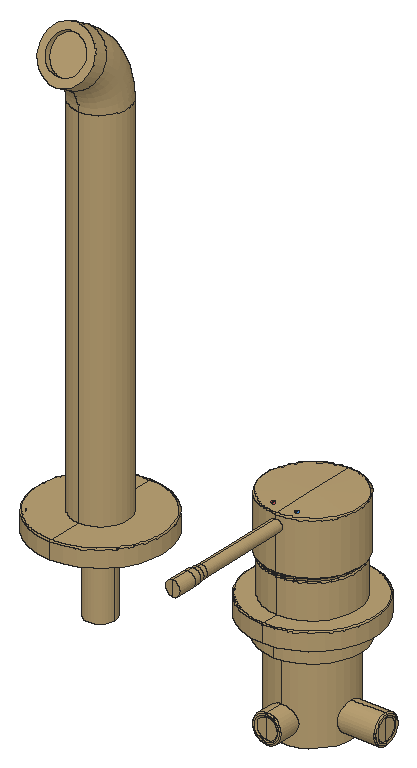
Revit family "Reece_Tap_Grohe_Essence New_Bath Mixer_Set_230mm", category Plumbing Fixtures, host Face, Revit 2018
Family settings
  Host = Face
  Round Connector Dimension = Use Diameter
  Part Type = Normal
  Cut with Voids When Loaded = No
  Shared = Yes
  Room Calculation Point = Yes
Parameters (values of type "Brushed Cool Sunrise")
  WFU = 0  # constant formula
  URL = "https://www.reece.com.au/product/-9509067"
  Type Comments = "Tap"
  Reece_Tap_Reach = 230 mm  # constant formula
  Reece_Tap_Inlet = 12 mm  # constant formula
  Reece_Stand_Baseplate_Radius = 32.5 mm  # constant formula
  Reece_Product_Web Page = "https://www.reece.com.au/product/-9509067"
  Reece_Product_Type = "Tap"  # constant formula
  Reece_Product_Sub Brand = "Essence New"  # constant formula
  Reece_Product_Number = "9509067"
  Reece_Product_Mount = "Wall Mounted"
  Reece_Product_Description = "Grohe Essence New Wall Bath Mixer Tap Set 230mm Brushed Cool Sunrise"
  Reece_Product_Brand = "Grohe"  # constant formula
  Reece_Overall_Width = 175 mm  # constant formula
  Reece_Overall_Projection = 233 mm  # constant formula
  Reece_Material_Tap_Hot = Render_Hot_Water_Cap
  Reece_Material_Tap_Cold = Render_Cold_Water_Cap
  Reece_Material-Main = Reece_Metal_Brushed_Cool Sunrise
  Reece_Detail_Shape = ""
  Reece_Detail_Installation = "Bath Mixer"  # constant formula
  Reece_Detail_Disclaimer = "THIS FILE IS THE PROPERTY OF THE REECE GROUP. IT MAY NOT BE REPRODUCED, REVERSE-ENGINEERED OR MODIFIED. ANY REPUBLICATION, TRANSMISSION OR DISTRIBUTION FOR THE PURPOSE OF COMMERCIALLY EXPLOITING THE FILES IS PROHIBITED."  # constant formula
  Reece_Detail_Connector = ""
  Reece_Detail_Additional = "Wall Mounted"  # constant formula
  Model = "Essence New"
  Manufacturer = "Grohe"
  Keynote = "Product #9509067, Reece_Tap_Grohe_Essence New_Bath Mixer_Set_230mm - Brushed Cool Sunrise"
  HWFU = 0  # constant formula
  Disclaimer = "THIS FILE IS THE PROPERTY OF THE REECE GROUP. IT MAY NOT BE REPRODUCED, REVERSE-ENGINEERED OR MODIFIED. ANY REPUBLICATION, TRANSMISSION OR DISTRIBUTION FOR THE PURPOSE OF COMMERCIALLY EXPLOITING THE FILES IS PROHIBITED."  # constant formula
  Description = "Grohe Essence New Wall Bath Mixer Tap Set 230mm Brushed Cool Sunrise"
  Default Elevation = 1000 mm
  CWFU = 0  # constant formula
Types (5, lengths in mm): name | URL | Reece_Product_Web Page | Reece_Product_Number | Reece_Product_Description | Reece_Material-Main | Keynote | Description
  (no name) | "https://www.reece.com.au/product/-9509067" | "https://www.reece.com.au/product/-9509067" | "9509067" | "Grohe Essence New Wall Bath Mixer Tap Set 230mm Brushed Cool Sunrise" | Reece_Metal_Brushed_Cool Sunrise | "Product #9509067, Reece_Tap_Grohe_Essence New_Bath Mixer_Set_230mm -  " | "Grohe Essence New Wall Bath Mixer Tap Set 230mm Brushed Cool Sunrise"
  Chrome | "https://www.reece.com.au/product/-9506904" | "https://www.reece.com.au/product/-9506904" | "9506904" | "Grohe Essence New Wall Bath Mixer Tap Set 230mm Chrome" | Reece_Brass_Chrome | "Product #9506904, Reece_Tap_Grohe_Essence New_Bath Mixer_Set_230mm - Chrome" | "Grohe Essence New Wall Bath Mixer Tap Set 230mm Chrome"
  Hard Graphite | "https://www.reece.com.au/product/-9509066" | "https://www.reece.com.au/product/-9509066" | "9509066" | "Grohe Essence New Wall Bath Mixer Tap Set 230mm Hard Graphite" | Reece_Metal_Hard Graphite | "Product #9509066, Reece_Tap_Grohe_Essence New_Bath Mixer_Set_230mm - Hard Graphite" | "Grohe Essence New Wall Bath Mixer Tap Set 230mm Hard Graphite"
  Brushed Nickel | "https://www.reece.com.au/product/-9509065" | "https://www.reece.com.au/product/-9509065" | "9509065" | "Grohe Essence New Wall Bath Mixer Tap Set 230mm Brushed Nickel" | Reece_Brass_Brushed Nickel | "Product #9509065, Reece_Tap_Grohe_Essence New_Bath Mixer_Set_230mm - Brushed Nickel" | "Grohe Essence New Wall Bath Mixer Tap Set 230mm Brushed Nickel"
  Brushed Cool Sunrise | "https://www.reece.com.au/product/-9509067" | "https://www.reece.com.au/product/-9509067" | "9509067" | "Grohe Essence New Wall Bath Mixer Tap Set 230mm Brushed Cool Sunrise" | Reece_Metal_Brushed_Cool Sunrise | "Product #9509067, Reece_Tap_Grohe_Essence New_Bath Mixer_Set_230mm - Brushed Cool Sunrise" | "Grohe Essence New Wall Bath Mixer Tap Set 230mm Brushed Cool Sunrise"
Reference planes
  plane 1 "Center (Front/Back)": y = 0
  plane 2: z = 0
  plane 3 "Center (Left/Right)": x = 0
  plane 4: z = 230
  plane 5: x = -55
  plane 6: x = 55
  plane 7: y = -35.7
  plane 8: y = -90.5
  plane 9: x = -87.5
  plane 10: x = 87.5
  plane 11: z = 233
  plane 12: through (0, -19.726, 228.658) normal (0, 0.5, 0.866)
Forms (mm)
  Revolve 1, solid, material "Reece_Metal_Brushed_Cool Sunrise" <- "Reece_Material-Main"
    sketch origin (-55, 0, 23) x (0, 1, 0) y (0, 0, 1)
      loop
        line (12, -14) -> (12, -16) -> (30.456, -16) -> (30.456, -23) -> (32.5, -23) -> (32.5, -14.512)
        arc (32.5, -14.512) -> (32.35, -14.15) -> (31.988, -14) r 0.512
        line (31.988, -14) -> (12, -14)
      axis (0, -14) -> (0, -23)
    angle from 0 to 360
  Sweep 2, solid, material "Reece_Metal_Brushed_Cool Sunrise" <- "Reece_Material-Main"
    path origin (-55, 0, 0) x (0, 1, 0) y (0, 0, 1)
      loop
        line (0, 0) -> (0, 199.948)
        arc (0, 199.948) -> (-4.019, 214.948) -> (-15, 225.929) r 30
        line (-15, 225.929) -> (-22.051, 230)
    profile origin (-55, 0, 99.974) x (0, -1, 0) y (1, 0, 0)
      loop
        circle (0, 0) r 14
      loop
        circle (0, 0) r 10
  Extrusion 3, solid, material "Reece_Metal_Brushed_Cool Sunrise" <- "Reece_Material-Main"
    sketch origin (-55, -24.649, 231.011) x (1, 0, 0) y (0, 0.5, 0.866025)
      loop
        arc (0, -11) -> (9.204, 6.024) -> (-10.08, 4.403) r 11
        arc (-10.08, 4.403) -> (-9.204, -6.024) -> (0, -11) r 11
    from -10 to -5.44
  Revolve 4, void
    sketch origin (-55, 0, 39.453) x (0, 1, 0) y (0, 0, 1)
      loop
        line (-20, -39.453) -> (-20, -95.011) -> (0, -95.011) -> (0, -39.453) -> (-20, -39.453)
      axis (0, -39.453) -> (0, -95.011)
    angle from 0 to 360
  Revolve 5, solid, material "Reece_Metal_Brushed_Cool Sunrise" <- "Reece_Material-Main"
    sketch origin (55, 0, 23) x (0, 1, 0) y (0, 0, -1)
      loop
        line (12, 14) -> (31.988, 14)
        arc (31.988, 14) -> (32.35, 14.15) -> (32.5, 14.512) r 0.512
        line (32.5, 14.512) -> (32.5, 23) -> (30.456, 23) -> (30.456, 16) -> (12, 16) -> (12, 14)
      axis (0, 14) -> (0, 23)
    angle from 0 to 360
  Revolve 6, void
    sketch origin (55, 0, 39.453) x (0, 1, 0) y (0, 0, -1)
      loop
        line (-25, 39.453) -> (0, 39.453) -> (0, 96.191) -> (-25, 96.191) -> (-25, 39.453)
      axis (0, 39.453) -> (0, 96.191)
    angle from 0 to 360
  Revolve 7, solid, material "Reece_Metal_Brushed_Cool Sunrise" <- "Reece_Material-Main"
    sketch origin (55, -2.334, -116) x (0, 1, 0) y (0, 0, 1)
      loop
        arc (2.5, 173) -> (-9.308, 172.91) -> (-21.109, 172.514) r 455.117
        arc (-21.109, 172.514) -> (-21.504, 172.334) -> (-21.666, 171.931) r 0.584
        line (-21.666, 171.931) -> (-21.666, 145.342) -> (-20.068, 145.342) -> (-20.166, 146.19) -> (-20.166, 149.9) -> (2.5, 149.9) -> (2.5, 173)
      axis (2.5, 173) -> (2.5, 145.342)
    angle from 0 to 360
  Revolve 8, solid, material "Reece_Metal_Brushed_Cool Sunrise" <- "Reece_Material-Main"
    sketch origin (55, -276.273, 243.721) x (0, -0.990268, -0.139173) y (0, 0.139173, -0.990268)
      loop
        arc (-166.132, 222.142) -> (-167.895, 222.331) -> (-169.667, 222.404) r 27.035
        line (-169.667, 222.404) -> (-172.075, 222.424)
        arc (-172.075, 222.424) -> (-173.404, 222.479) -> (-174.726, 222.621) r 20.282
        line (-174.726, 222.621) -> (-225.984, 229.825) -> (-226.423, 226.698) -> (-157.108, 216.956) -> (-156.568, 220.798) -> (-166.132, 222.142)
      axis (-157.108, 216.956) -> (-226.423, 226.698)
    angle from 0 to 360
  Revolve 9, solid, material "Render_Hot_Water_Cap" <- "Reece_Material_Tap_Hot"
    sketch origin (48.869, -97.842, 42.485) x (0, 0.053171, -0.998585) y (0, -0.998585, -0.053171)
      loop
        line (-9.096, -80.7) -> (-10.011, -80.7) -> (-10.011, -81.5) -> (-9.096, -81.5) -> (-9.096, -80.7)
      axis (-9.096, -80.7) -> (-10.096, -80.7)
    angle from 0 to 360
  Revolve 10, solid, material "Render_Cold_Water_Cap" <- "Reece_Material_Tap_Cold"
    sketch origin (61.131, -97.842, 42.485) x (0, 0.053171, -0.998585) y (0, 0.998585, 0.053171)
      loop
        line (-9.096, 80.7) -> (-9.096, 81.5) -> (-10.011, 81.5) -> (-10.011, 80.7) -> (-9.096, 80.7)
      axis (-9.096, 80.7) -> (-10.096, 80.7)
    angle from 0 to 360
  Revolve 11, solid, material "Reece_Metal_Brushed_Cool Sunrise" <- "Reece_Material-Main"
    sketch origin (55, 0, -2.659) x (0, 1, 0) y (0, 0, 1)
      loop
        line (-21.5, 7) -> (0, 7) -> (0, 35.659) -> (-15.05, 35.659) -> (-15.05, 39.49)
        arc (-15.05, 39.49) -> (-19.066, 35.246) -> (-22.489, 30.511) r 44.331
        arc (-22.489, 30.511) -> (-22.519, 30.098) -> (-22.196, 29.842) r 0.442
        line (-22.196, 29.842) -> (-21.215, 29.659) -> (-22.476, 29.659)
        arc (-22.476, 29.659) -> (-22.846, 29.506) -> (-23, 29.135) r 0.524
        line (-23, 29.135) -> (-23, 4.5) -> (-21.5, 4.5) -> (-21.5, 7)
      axis (0, 39.49) -> (0, 4.5)
    angle from 0 to 360
  Revolve 12, solid, material "Reece_Metal_Brushed_Cool Sunrise" <- "Reece_Material-Main"
    sketch origin (0, 0, 0) x (1, 0, 0) y (0, 0, 1)
      loop
        line (-69, 0) -> (-69, -4.147)
        arc (-69, -4.147) -> (-68.567, -5.192) -> (-67.522, -5.625) r 1.478
        line (-67.522, -5.625) -> (-62.5, -5.625) -> (-62.5, -40.018) -> (-55, -40.018) -> (-55, 0) -> (-69, 0)
      axis (-55, 0) -> (-55, -40.018)
    angle from 0 to 360
  Revolve 13, solid, material "Reece_Metal_Brushed_Cool Sunrise" <- "Reece_Material-Main"
    sketch origin (55, 118.077, 1219.2) x (0, 1, 0) y (0, 0, 1)
      loop
        line (-118.077, -1219.2) -> (-143.077, -1219.2) -> (-143.077, -1229.2) -> (-138.077, -1229.2) -> (-138.077, -1271.2) -> (-118.077, -1271.2) -> (-118.077, -1219.2)
      axis (-118.077, -1271.2) -> (-118.077, -1219.2)
    angle from 0 to 360
  Revolve 14, solid, material "Reece_Metal_Brushed_Cool Sunrise" <- "Reece_Material-Main"
    sketch origin (55, 0, -15) x (1, 0, 0) y (0, 0, 1)
      loop
        line (0, -26) -> (37.912, -26) -> (37.912, -20.608) -> (38.5, -20.019) -> (38.5, -19.088) -> (37.912, -18.5) -> (0, -18.5) -> (0, -26)
      axis (0, -26) -> (38.5, -26)
    angle from 0 to 360
  Revolve 15, solid, material "Reece_Metal_Brushed_Cool Sunrise" <- "Reece_Material-Main"
    sketch origin (55, -118.125, 1209.067) x (0, -1, 0) y (0, 0, -1)
      loop
        line (-118.077, 1250.2) -> (-118.077, 1242.7) -> (-88.666, 1242.7) -> (-88.077, 1243.288) -> (-88.077, 1244.219) -> (-88.666, 1244.808) -> (-88.666, 1250.2) -> (-118.077, 1250.2)
      axis (-118.077, 1250.2) -> (-88.077, 1250.2)
    angle from 0 to 360
Cuts and joins
  Revolve 6 cuts Sweep 2
  joined: Revolve 1, Sweep 2, Extrusion 3, Revolve 5, Revolve 7, Revolve 8, Revolve 11
  joined: Revolve 12, Revolve 13, Revolve 14, Revolve 15
Text (mm)
  text "Reece Copyright © 2018, Reece Ltd." at (-1164.308, -468.56, 0), in view "Ref. Level"
  text "Reece ©" at (-7.653, 198.338, 183.77), in view "Reece Preview"
Dimensions and locks
  "Reece_Tap_Reach": plane 4 to host face
  plane 5 to plane 3 "Center (Left/Right)" = 55 mm
  "Reece_Stand_Baseplate_Radius": Revolve 1 sketch curve to Revolve 1 sketch curve
  Revolve 4 sketch curve to Revolve 4 sketch curve = 20 mm
  "Reece_Stand_Baseplate_Radius": Revolve 5 sketch curve to Revolve 5 sketch curve
  Revolve 6 sketch curve to Revolve 6 sketch curve = 25 mm
  locked: plane 7 to plane 8 at 54.8
  plane 5 to plane 6 = 110 mm
  "Reece_Overall_Width": plane 9 to plane 10
  "Reece_Overall_Projection": plane 11 to host face
  angle plane 4 to plane 12 = 30.00°
  aligned and locked: plane 2 to host face
  aligned and locked: level to host face
  aligned and locked: Revolve 4 sketch curve to Revolve 4 sketch curve
  aligned and locked: Revolve 6 sketch curve to Revolve 6 sketch curve
  aligned and locked: Revolve 7 sketch curve to Revolve 7 sketch curve
Automatic sketch dimensions
  host sketch curve to host sketch curve = 481.758 mm
  host sketch curve to host sketch curve = 479.681 mm
  Sweep 2 sketch curve to plane 4 = 0 mm
  Sweep 2 sketch curve to plane 1 "Center (Front/Back)" = 0 mm
  Sweep 2 sketch curve to level = 0 mm
  Sweep 2 sketch curve to plane 4 = 4.071 mm
  plane 1 "Center (Front/Back)" to Sweep 2 sketch curve = 15 mm
  plane 1 "Center (Front/Back)" to Sweep 2 sketch curve = 30 mm
  Sweep 2 sketch curve to Sweep 2 sketch curve = 7.051 mm
  Sweep 2 sketch curve to Sweep 2 sketch curve = 0 mm  (x2)
  Sweep 2 sketch curve to profile plane = 0 mm  (x2)
  Extrusion 3 sketch curve to plane 5 = 0 mm
  Extrusion 3 sketch curve to Extrusion 3 sketch curve = 11 mm
  Revolve 4 sketch curve to level = 0 mm
  Revolve 4 sketch curve to plane 1 "Center (Front/Back)" = 0 mm
  Revolve 4 sketch curve to Revolve 4 sketch curve = 55.557 mm
  Revolve 4 sketch curve to Revolve 4 sketch curve = 245.799 mm
  plane 4 to Revolve 4 sketch curve = 1953.707 mm
  plane 1 "Center (Front/Back)" to Revolve 7 sketch curve = 24 mm
  Revolve 7 sketch curve to Revolve 7 sketch curve = 0.584 mm
  Revolve 7 sketch curve to Revolve 7 sketch curve = 1.5 mm
  Revolve 7 sketch curve to Revolve 7 sketch curve = 0.098 mm
  plane 1 "Center (Front/Back)" to Revolve 7 sketch curve = 2.279 mm
  Revolve 7 sketch curve to plane 1 "Center (Front/Back)" = 0.166 mm
  Revolve 7 sketch curve to level = 398.11 mm
  level to Revolve 7 sketch curve = 29.342 mm
  Revolve 7 sketch curve to Revolve 7 sketch curve = 0.848 mm
  Revolve 7 sketch curve to Revolve 7 sketch curve = 3.71 mm
  Revolve 7 sketch curve to Revolve 7 sketch curve = 22.031 mm
  Revolve 7 sketch curve to Revolve 7 sketch curve = 23.1 mm
  Revolve 7 sketch curve to Revolve 7 sketch curve = 58.7 mm
  plane 4 to Revolve 7 sketch curve = 2013.364 mm
  Revolve 8 sketch curve to plane 8 = 0 mm  (x2)
  plane 7 to Revolve 8 sketch curve = 15.196 mm
  level to Revolve 8 sketch curve = 50.742 mm
  Revolve 8 sketch curve to Revolve 8 sketch curve = 0.439 mm
  Revolve 8 sketch curve to Revolve 8 sketch curve = 17.619 mm
  Revolve 8 sketch curve to Revolve 8 sketch curve = 2.652 mm
  Revolve 8 sketch curve to Revolve 8 sketch curve = 2.823 mm
  Revolve 8 sketch curve to Revolve 8 sketch curve = 12.787 mm
  Revolve 8 sketch curve to Revolve 8 sketch curve = 2.408 mm
  Revolve 8 sketch curve to Revolve 8 sketch curve = 8.117 mm
  Revolve 8 sketch curve to Revolve 8 sketch curve = 82.121 mm
  Revolve 8 sketch curve to Revolve 8 sketch curve = 11.541 mm
  Revolve 8 sketch curve to Revolve 8 sketch curve = 1.141 mm
  plane 1 "Center (Front/Back)" to Revolve 9 sketch curve = 16.989 mm
  level to Revolve 9 sketch curve = 56.815 mm
  Revolve 9 sketch curve to Revolve 9 sketch curve = 0.915 mm
  Revolve 9 sketch curve to Revolve 9 sketch curve = 0.8 mm
  Revolve 9 sketch curve to Revolve 9 sketch curve = 5.008 mm
  Revolve 9 sketch curve to Revolve 9 sketch curve = 6.185 mm
  Revolve 9 sketch curve to Revolve 9 sketch curve = 0 mm
  plane 1 "Center (Front/Back)" to Revolve 10 sketch curve = 16.989 mm
  level to Revolve 10 sketch curve = 56.815 mm
  Revolve 10 sketch curve to Revolve 10 sketch curve = 0.915 mm
  Revolve 10 sketch curve to Revolve 10 sketch curve = 0.8 mm
  Revolve 10 sketch curve to Revolve 10 sketch curve = 5.008 mm
  Revolve 10 sketch curve to Revolve 10 sketch curve = 6.185 mm
  Revolve 10 sketch curve to Revolve 10 sketch curve = 0 mm
  Revolve 11 sketch curve to plane 1 "Center (Front/Back)" = 0 mm  (x2)
  plane 1 "Center (Front/Back)" to Revolve 11 sketch curve = 15.05 mm
  Revolve 11 sketch curve to Revolve 11 sketch curve = 6.165 mm
  level to Revolve 11 sketch curve = 4.341 mm
  plane 1 "Center (Front/Back)" to Revolve 11 sketch curve = 21.5 mm
  Revolve 11 sketch curve to Revolve 11 sketch curve = 0.9 mm
  Revolve 11 sketch curve to Revolve 11 sketch curve = 0.081 mm
  Revolve 11 sketch curve to Revolve 11 sketch curve = 0.28 mm
  Revolve 11 sketch curve to Revolve 11 sketch curve = 1.5 mm
  level to Revolve 11 sketch curve = 4.304 mm
  Revolve 11 sketch curve to plane 1 "Center (Front/Back)" = 15.071 mm
  level to Revolve 11 sketch curve = 1.841 mm
  Revolve 11 sketch curve to Revolve 11 sketch curve = 22.135 mm
  Revolve 11 sketch curve to Revolve 11 sketch curve = 0 mm
  Revolve 11 sketch curve to Revolve 11 sketch curve = 0.182 mm
  Revolve 11 sketch curve to Revolve 11 sketch curve = 6 mm
  Revolve 11 sketch curve to Revolve 11 sketch curve = 3.83 mm
  Revolve 11 sketch curve to level = 343.469 mm
  plane 4 to Revolve 11 sketch curve = 2177.711 mm
  Revolve 12 sketch curve to level = 0 mm
  Revolve 12 sketch curve to plane 5 = 0 mm  (x2)
  Revolve 12 sketch curve to plane 5 = 7.5 mm
  Revolve 12 sketch curve to Revolve 12 sketch curve = 5.022 mm
  Revolve 12 sketch curve to Revolve 12 sketch curve = 1.478 mm
  Revolve 12 sketch curve to level = 4.147 mm
  Revolve 12 sketch curve to Revolve 12 sketch curve = 34.393 mm
  Revolve 12 sketch curve to Revolve 12 sketch curve = 20.815 mm
  Revolve 12 sketch curve to Revolve 12 sketch curve = 16.573 mm
  Revolve 6 sketch curve to level = 0 mm
  Revolve 6 sketch curve to plane 1 "Center (Front/Back)" = 0 mm
  Revolve 6 sketch curve to level = 56.738 mm
  plane 4 to Revolve 6 sketch curve = 1953.707 mm
  Revolve 6 sketch curve to Revolve 6 sketch curve = 244.619 mm
  Revolve 13 sketch curve to level = 0 mm
  Revolve 13 sketch curve to plane 1 "Center (Front/Back)" = 0 mm  (x2)
  Revolve 13 sketch curve to Revolve 13 sketch curve = 5 mm
  Revolve 13 sketch curve to level = 10 mm
  Revolve 13 sketch curve to Revolve 13 sketch curve = 42 mm
  Revolve 13 sketch curve to Revolve 13 sketch curve = 38 mm
  level to Revolve 13 sketch curve = 90.071 mm
  plane 6 to Revolve 14 sketch curve = 0 mm  (x2)
  Revolve 14 sketch curve to plane 6 = 37.912 mm
  Revolve 14 sketch curve to Revolve 14 sketch curve = 0 mm  (x2)
  Revolve 14 sketch curve to Revolve 14 sketch curve = 0.588 mm  (x2)
  Revolve 14 sketch curve to level = 41 mm
  Revolve 14 sketch curve to Revolve 14 sketch curve = 5.392 mm
  Revolve 14 sketch curve to Revolve 14 sketch curve = 0.931 mm
  Revolve 14 sketch curve to Revolve 14 sketch curve = 7.5 mm
  Revolve 14 sketch curve to Revolve 14 sketch curve = 12 mm
  plane 1 "Center (Front/Back)" to Revolve 15 sketch curve = 0.047 mm  (x2)
  plane 1 "Center (Front/Back)" to Revolve 15 sketch curve = 29.459 mm
  Revolve 15 sketch curve to Revolve 15 sketch curve = 0 mm  (x2)
  Revolve 15 sketch curve to Revolve 15 sketch curve = 0.588 mm  (x3)
  Revolve 15 sketch curve to level = 33.633 mm
  Revolve 15 sketch curve to Revolve 15 sketch curve = 0.931 mm
  Revolve 15 sketch curve to Revolve 15 sketch curve = 7.5 mm
  Revolve 15 sketch curve to Revolve 15 sketch curve = 3.5 mm
  plane 1 "Center (Front/Back)" to Revolve 13 sketch curve = 20 mm
  Extrusion 3 sketch curve to plane 5 = 10.08 mm
  Extrusion 3 sketch curve to Extrusion 3 sketch curve = 0 mm
  Revolve 1 sketch curve to plane 1 "Center (Front/Back)" = 0 mm
  Revolve 1 sketch curve to level = 0 mm
  Revolve 1 sketch curve to plane 1 "Center (Front/Back)" = 12 mm
  Revolve 1 sketch curve to Revolve 1 sketch curve = 2.044 mm
  Revolve 1 sketch curve to Revolve 1 sketch curve = 0.512 mm
  level to Revolve 1 sketch curve = 7 mm
  Revolve 1 sketch curve to Revolve 1 sketch curve = 1.488 mm
  Revolve 1 sketch curve to level = 317.81 mm
  plane 11 to Revolve 1 sketch curve = 524.796 mm
  Revolve 5 sketch curve to plane 1 "Center (Front/Back)" = 0 mm
  Revolve 5 sketch curve to level = 0 mm
  Revolve 5 sketch curve to plane 1 "Center (Front/Back)" = 12 mm
  Revolve 5 sketch curve to Revolve 5 sketch curve = 2.044 mm
  Revolve 5 sketch curve to Revolve 5 sketch curve = 0.512 mm
  level to Revolve 5 sketch curve = 7 mm
  Revolve 5 sketch curve to Revolve 5 sketch curve = 1.488 mm
  plane 11 to Revolve 5 sketch curve = 524.796 mm
  Revolve 5 sketch curve to level = 317.81 mm
  radius of Sweep 2 sketch curve = 14 mm
  radius of Sweep 2 sketch curve = 10 mm
Connectors
  piping at (-55, 0, -40.018), diameter 12, driven by "Reece_Tap_Inlet"
    settings: on cut or joined group of Revolve 12, Revolve 13, Revolve 14, Revolve 15, index 1, connector inside diameter 609.6 mm, connector length 0 mm, flow factor 0, pipe flow 0.0 L/s, pressure drop 0.0 Pa, fitting loss kfactor 0, connector angle 0.00°, fixture units 0, engagement length 0 mm, angle of deflection 0.00°, flow configuration 0, flow direction 1, fitting loss method 0, system type 29, joint type 0, gender type 0, connector reference index -1, connector utility 0, adjustable connector no, is connector primary yes, connector description ""
  piping at (55, -29.459, -41.133), diameter 12, driven by "Reece_Tap_Inlet"
    settings: on cut or joined group of Revolve 12, Revolve 13, Revolve 14, Revolve 15, index 2, connector inside diameter 609.6 mm, connector length 0 mm, flow factor 0, pipe flow 0.0 L/s, pressure drop 0.0 Pa, fitting loss kfactor 0, connector angle 0.00°, fixture units 0, engagement length 0 mm, angle of deflection 0.00°, flow configuration 0, flow direction 2, fitting loss method 0, system type 29, joint type 0, gender type 0, connector reference index -1, connector utility 0, adjustable connector no, is connector primary no, connector description ""
  piping at (92.912, 0, -41), diameter 12, driven by "Reece_Tap_Inlet"
    settings: on cut or joined group of Revolve 12, Revolve 13, Revolve 14, Revolve 15, index 3, connector inside diameter 609.6 mm, connector length 0 mm, flow factor 0, pipe flow 0.0 L/s, pressure drop 0.0 Pa, fitting loss kfactor 0, connector angle 0.00°, fixture units 0, engagement length 0 mm, angle of deflection 0.00°, flow configuration 0, flow direction 1, fitting loss method 0, system type 29, joint type 0, gender type 0, connector reference index -1, connector utility 0, adjustable connector no, is connector primary no, connector description ""
